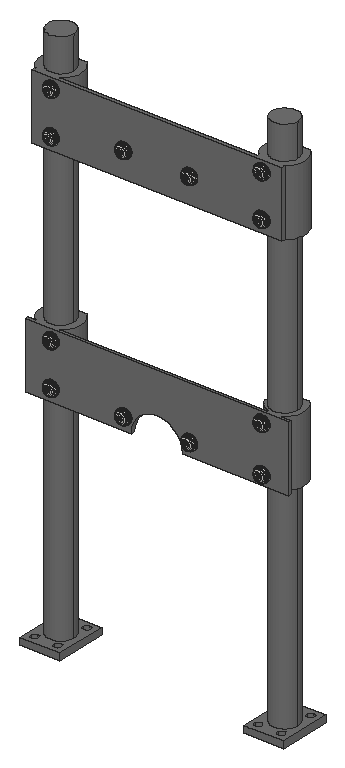
Revit family (continued)
Automatic sketch dimensions
  Revolve 4 sketch curve to Revolve 4 sketch curve = 0.16422"
  Revolve 4 sketch curve to Revolve 4 sketch curve = 0.18696"
  Revolve 4 sketch curve to Revolve 4 sketch curve = 0.07686"
  Revolve 4 sketch curve to Revolve 4 sketch curve = 0.08089"
  Revolve 4 sketch curve to Revolve 4 sketch curve = 0.0401"
  Revolve 4 sketch curve to Revolve 4 sketch curve = 0.03491"
  Revolve 4 sketch curve to Revolve 4 sketch curve = 0.03431"
  Revolve 4 sketch curve to Revolve 4 sketch curve = 0.01331"
  Revolve 4 sketch curve to Revolve 4 sketch curve = 0.01003"
  Revolve 4 sketch curve to Revolve 4 sketch curve = 0.00949"
  Revolve 4 sketch curve to Revolve 4 sketch curve = 0.00407"
  Revolve 4 sketch curve to Revolve 4 sketch curve = 0.00177"
  Revolve 4 sketch curve to Revolve 4 sketch curve = 0.04979"
  Revolve 4 sketch curve to Revolve 4 sketch curve = 0.05891"
  Revolve 5 sketch curve to plane 24 = 3/4"
  Revolve 5 sketch curve to plane 15 = 1.54799"
  Revolve 5 sketch curve to Revolve 5 sketch curve = 1.16722"
  Revolve 5 sketch curve to Revolve 5 sketch curve = 0.00469"
  Revolve 5 sketch curve to Revolve 5 sketch curve = 0.00968"
  Revolve 5 sketch curve to Revolve 5 sketch curve = 0.01429"
  Revolve 5 sketch curve to Revolve 5 sketch curve = 0.01792"
  Revolve 5 sketch curve to Revolve 5 sketch curve = 0.04036"
  Revolve 5 sketch curve to Revolve 5 sketch curve = 0.06466"
  Revolve 5 sketch curve to Revolve 5 sketch curve = 0.04467"
  Revolve 5 sketch curve to Revolve 5 sketch curve = 0.04997"
  Revolve 5 sketch curve to Revolve 5 sketch curve = 0.06708"
  Revolve 5 sketch curve to Revolve 5 sketch curve = 0.03549"
  Revolve 5 sketch curve to Revolve 5 sketch curve = 0.03428"
  Revolve 5 sketch curve to Revolve 5 sketch curve = 0.04657"
  Revolve 5 sketch curve to Revolve 5 sketch curve = 0.03407"
  Revolve 5 sketch curve to Revolve 5 sketch curve = 129/256"
  Revolve 5 sketch curve to Revolve 5 sketch curve = 0.00065"
  Revolve 5 sketch curve to Revolve 5 sketch curve = 0.00123"
  Revolve 5 sketch curve to Revolve 5 sketch curve = 0.0001"  (x2)
  Revolve 5 sketch curve to Revolve 5 sketch curve = 0.00012"  (x3)
  Revolve 5 sketch curve to Revolve 5 sketch curve = 0.00013"
  Revolve 5 sketch curve to Revolve 5 sketch curve = 0.00008"
  Revolve 5 sketch curve to Revolve 5 sketch curve = 0.00014"
  Revolve 5 sketch curve to Revolve 5 sketch curve = 0.00028"
  Revolve 5 sketch curve to Revolve 5 sketch curve = 0.00004"  (x2)
  Revolve 5 sketch curve to Revolve 5 sketch curve = 0.00016"
  Revolve 5 sketch curve to Revolve 5 sketch curve = 0.00015"
  Revolve 5 sketch curve to Revolve 5 sketch curve = 0.62489"
  Revolve 5 sketch curve to Revolve 5 sketch curve = 0.16422"
  Revolve 5 sketch curve to Revolve 5 sketch curve = 0.04653"
  Revolve 5 sketch curve to Revolve 5 sketch curve = 0.01228"
  Revolve 5 sketch curve to Revolve 5 sketch curve = 0.0031"
  Revolve 5 sketch curve to Revolve 5 sketch curve = 0"
  Revolve 5 sketch curve to Revolve 5 sketch curve = 0.00003"  (x3)
  Revolve 5 sketch curve to Revolve 5 sketch curve = 0.00006"
  Revolve 5 sketch curve to Revolve 5 sketch curve = 0.00025"
  Revolve 5 sketch curve to Revolve 5 sketch curve = 0.00019"
  Revolve 5 sketch curve to Revolve 5 sketch curve = 0.00034"
  plane 10 to Revolve 6 sketch curve = 3/4"
  Revolve 6 sketch curve to plane 15 = 1.54799"
  Revolve 6 sketch curve to Revolve 6 sketch curve = 1.16722"
  Revolve 6 sketch curve to Revolve 6 sketch curve = 0.00469"
  Revolve 6 sketch curve to Revolve 6 sketch curve = 0.00968"
  Revolve 6 sketch curve to Revolve 6 sketch curve = 0.01429"
  Revolve 6 sketch curve to Revolve 6 sketch curve = 0.01792"
  Revolve 6 sketch curve to Revolve 6 sketch curve = 0.04036"
  Revolve 6 sketch curve to Revolve 6 sketch curve = 0.06466"
  Revolve 6 sketch curve to Revolve 6 sketch curve = 0.04467"
  Revolve 6 sketch curve to Revolve 6 sketch curve = 0.04997"
  Revolve 6 sketch curve to Revolve 6 sketch curve = 0.06708"
  Revolve 6 sketch curve to Revolve 6 sketch curve = 0.03549"
  Revolve 6 sketch curve to Revolve 6 sketch curve = 0.03428"
  Revolve 6 sketch curve to Revolve 6 sketch curve = 0.04657"
  Revolve 6 sketch curve to Revolve 6 sketch curve = 0.03407"
  Revolve 6 sketch curve to Revolve 6 sketch curve = 129/256"
  Revolve 6 sketch curve to Revolve 6 sketch curve = 0.00065"
  Revolve 6 sketch curve to Revolve 6 sketch curve = 0.00123"
  Revolve 6 sketch curve to Revolve 6 sketch curve = 0.0001"  (x2)
  Revolve 6 sketch curve to Revolve 6 sketch curve = 0.00012"  (x2)
  Revolve 6 sketch curve to Revolve 6 sketch curve = 0.00013"
  Revolve 6 sketch curve to Revolve 6 sketch curve = 0.00008"
  Revolve 6 sketch curve to Revolve 6 sketch curve = 0.00014"
  Revolve 6 sketch curve to Revolve 6 sketch curve = 0.00028"
  Revolve 6 sketch curve to Revolve 6 sketch curve = 0.00004"
  Revolve 6 sketch curve to Revolve 6 sketch curve = 0.00016"
  Revolve 6 sketch curve to Revolve 6 sketch curve = 0.00015"
  Revolve 6 sketch curve to Revolve 6 sketch curve = 0.62489"
  Revolve 6 sketch curve to Revolve 6 sketch curve = 0.16422"
  Revolve 6 sketch curve to Revolve 6 sketch curve = 0.18696"
  Revolve 6 sketch curve to Revolve 6 sketch curve = 0.07686"
  Revolve 6 sketch curve to Revolve 6 sketch curve = 0.08089"
  Revolve 6 sketch curve to Revolve 6 sketch curve = 0.0401"
  Revolve 6 sketch curve to Revolve 6 sketch curve = 0.03491"
  Revolve 6 sketch curve to Revolve 6 sketch curve = 0.03431"
  Revolve 6 sketch curve to Revolve 6 sketch curve = 0.01331"
  Revolve 6 sketch curve to Revolve 6 sketch curve = 0.01003"
  Revolve 6 sketch curve to Revolve 6 sketch curve = 0.00949"
  Revolve 6 sketch curve to Revolve 6 sketch curve = 0.00407"
  Revolve 6 sketch curve to Revolve 6 sketch curve = 0.00177"
  Revolve 6 sketch curve to Revolve 6 sketch curve = 0.04979"
  Revolve 6 sketch curve to Revolve 6 sketch curve = 0.05891"
  Revolve 7 sketch curve to Revolve 7 sketch curve = 0.25556"
  Revolve 7 sketch curve to Revolve 7 sketch curve = 0.07686"
  Revolve 7 sketch curve to Revolve 7 sketch curve = 0.08089"
  Revolve 7 sketch curve to Revolve 7 sketch curve = 0.0401"
  Revolve 7 sketch curve to Revolve 7 sketch curve = 0.03491"
  Revolve 7 sketch curve to Revolve 7 sketch curve = 0.03431"
  Revolve 7 sketch curve to Revolve 7 sketch curve = 0.01331"
  Revolve 7 sketch curve to Revolve 7 sketch curve = 0.01003"
  Revolve 7 sketch curve to Revolve 7 sketch curve = 0.00949"
  Revolve 7 sketch curve to Revolve 7 sketch curve = 0.00407"
  Revolve 7 sketch curve to Revolve 7 sketch curve = 0.00177"
  Revolve 7 sketch curve to Revolve 7 sketch curve = 0.04979"
  Revolve 7 sketch curve to Revolve 7 sketch curve = 0.05891"
  Revolve 7 sketch curve to Revolve 7 sketch curve = 0.0686"
  Revolve 7 sketch curve to Revolve 7 sketch curve = 0.06289"
  Revolve 7 sketch curve to Revolve 7 sketch curve = 0.00004"
  Revolve 7 sketch curve to Revolve 7 sketch curve = 0.00034"
  Revolve 7 sketch curve to Revolve 7 sketch curve = 0.00019"
  Revolve 7 sketch curve to Revolve 7 sketch curve = 0.00012"  (x2)
  Revolve 7 sketch curve to Revolve 7 sketch curve = 0.00016"  (x2)
  Revolve 7 sketch curve to Revolve 7 sketch curve = 0.00006"
  Revolve 7 sketch curve to Revolve 7 sketch curve = 0.00003"  (x2)
  Revolve 7 sketch curve to Revolve 7 sketch curve = 0.00025"
  Revolve 7 sketch curve to Revolve 7 sketch curve = 0"  (x2)
  Revolve 7 sketch curve to Revolve 7 sketch curve = 0.0031"
  Revolve 7 sketch curve to Revolve 7 sketch curve = 0.01228"
  Revolve 7 sketch curve to plane 12 = 0.53911"
  Revolve 7 sketch curve to Revolve 7 sketch curve = 0.53911"
  Revolve 7 sketch curve to Revolve 7 sketch curve = 0.24872"
  Revolve 7 sketch curve to Revolve 7 sketch curve = 0.0001"
  Revolve 7 sketch curve to Revolve 7 sketch curve = 0.00015"
  Revolve 7 sketch curve to Revolve 7 sketch curve = 0.00008"  (x2)
  Revolve 7 sketch curve to Revolve 7 sketch curve = 0.00028"
  Revolve 7 sketch curve to Revolve 7 sketch curve = 0.00014"
  Revolve 7 sketch curve to Revolve 7 sketch curve = 0.00013"
  Revolve 7 sketch curve to Revolve 7 sketch curve = 0.00128"
  Revolve 7 sketch curve to Revolve 7 sketch curve = 0.00133"
  Revolve 7 sketch curve to Revolve 7 sketch curve = 0.00065"
  Revolve 7 sketch curve to Revolve 7 sketch curve = 1.16722"
  Revolve 8 sketch curve to Revolve 8 sketch curve = 0.25556"
  Revolve 8 sketch curve to Revolve 8 sketch curve = 0.07686"
  Revolve 8 sketch curve to Revolve 8 sketch curve = 0.08089"
  Revolve 8 sketch curve to Revolve 8 sketch curve = 0.0401"
  Revolve 8 sketch curve to Revolve 8 sketch curve = 0.03491"
  Revolve 8 sketch curve to Revolve 8 sketch curve = 0.03431"
  Revolve 8 sketch curve to Revolve 8 sketch curve = 0.01331"
  Revolve 8 sketch curve to Revolve 8 sketch curve = 0.01003"
  Revolve 8 sketch curve to Revolve 8 sketch curve = 0.00949"
  Revolve 8 sketch curve to Revolve 8 sketch curve = 0.00407"
  Revolve 8 sketch curve to Revolve 8 sketch curve = 0.00177"
  Revolve 8 sketch curve to Revolve 8 sketch curve = 0.04979"
  Revolve 8 sketch curve to Revolve 8 sketch curve = 0.05891"
  Revolve 8 sketch curve to Revolve 8 sketch curve = 0.0686"
  Revolve 8 sketch curve to Revolve 8 sketch curve = 0.06289"
  Revolve 8 sketch curve to Revolve 8 sketch curve = 0.00004"
  Revolve 8 sketch curve to Revolve 8 sketch curve = 0.00034"
  Revolve 8 sketch curve to Revolve 8 sketch curve = 0.00019"
  Revolve 8 sketch curve to Revolve 8 sketch curve = 0.00012"  (x2)
  Revolve 8 sketch curve to Revolve 8 sketch curve = 0.00016"  (x2)
  Revolve 8 sketch curve to Revolve 8 sketch curve = 0.00006"
  Revolve 8 sketch curve to Revolve 8 sketch curve = 0.00003"  (x2)
  Revolve 8 sketch curve to Revolve 8 sketch curve = 0.00025"
  Revolve 8 sketch curve to Revolve 8 sketch curve = 0"  (x2)
  Revolve 8 sketch curve to Revolve 8 sketch curve = 0.0031"
  Revolve 8 sketch curve to Revolve 8 sketch curve = 0.01228"
  Revolve 8 sketch curve to plane 12 = 0.53911"
  Revolve 8 sketch curve to Revolve 8 sketch curve = 0.53911"
  Revolve 8 sketch curve to Revolve 8 sketch curve = 0.24872"
  Revolve 8 sketch curve to Revolve 8 sketch curve = 0.0001"
  Revolve 8 sketch curve to Revolve 8 sketch curve = 0.00015"
  Revolve 8 sketch curve to Revolve 8 sketch curve = 0.00008"  (x2)
  Revolve 8 sketch curve to Revolve 8 sketch curve = 0.00028"
  Revolve 8 sketch curve to Revolve 8 sketch curve = 0.00014"
  Revolve 8 sketch curve to Revolve 8 sketch curve = 0.00013"
  Revolve 8 sketch curve to Revolve 8 sketch curve = 0.00128"
  Revolve 8 sketch curve to Revolve 8 sketch curve = 0.00133"
  Revolve 8 sketch curve to Revolve 8 sketch curve = 0.00065"
  Revolve 8 sketch curve to Revolve 8 sketch curve = 1.16722"
  plane 25 to Extrusion 9 sketch curve = 1"
  Extrusion 9 sketch curve to plane 26 = 1"
  Revolve 10 sketch curve to plane 15 = 1.67288"
  Revolve 10 sketch curve to Revolve 10 sketch curve = 1.29222"
  Revolve 10 sketch curve to Revolve 10 sketch curve = 0.00469"
  Revolve 10 sketch curve to Revolve 10 sketch curve = 0.00968"
  Revolve 10 sketch curve to Revolve 10 sketch curve = 0.01429"
  Revolve 10 sketch curve to Revolve 10 sketch curve = 0.01792"
  Revolve 10 sketch curve to Revolve 10 sketch curve = 0.04036"
  Revolve 10 sketch curve to Revolve 10 sketch curve = 0.06466"
  Revolve 10 sketch curve to Revolve 10 sketch curve = 0.04467"
  Revolve 10 sketch curve to Revolve 10 sketch curve = 0.04997"
  Revolve 10 sketch curve to Revolve 10 sketch curve = 0.06708"
  Revolve 10 sketch curve to Revolve 10 sketch curve = 0.03549"
  Revolve 10 sketch curve to Revolve 10 sketch curve = 0.03428"
  Revolve 10 sketch curve to Revolve 10 sketch curve = 0.04657"
  Revolve 10 sketch curve to Revolve 10 sketch curve = 0.03407"
  Revolve 10 sketch curve to Revolve 10 sketch curve = 129/256"
  Revolve 10 sketch curve to Revolve 10 sketch curve = 0.00065"
  Revolve 10 sketch curve to Revolve 10 sketch curve = 0.00123"
  Revolve 10 sketch curve to Revolve 10 sketch curve = 0.0001"  (x2)
  Revolve 10 sketch curve to Revolve 10 sketch curve = 0.00012"  (x3)
  Revolve 10 sketch curve to Revolve 10 sketch curve = 0.00013"
  Revolve 10 sketch curve to Revolve 10 sketch curve = 0.00008"
  Revolve 10 sketch curve to Revolve 10 sketch curve = 0.00014"
  Revolve 10 sketch curve to Revolve 10 sketch curve = 0.00028"
  Revolve 10 sketch curve to Revolve 10 sketch curve = 0.00004"  (x2)
  Revolve 10 sketch curve to Revolve 10 sketch curve = 0.00016"
  Revolve 10 sketch curve to Revolve 10 sketch curve = 0.00015"
  Revolve 10 sketch curve to Revolve 10 sketch curve = 0.49989"
  Revolve 10 sketch curve to Revolve 10 sketch curve = 0.16422"
  Revolve 10 sketch curve to Revolve 10 sketch curve = 0.04653"
  Revolve 10 sketch curve to Revolve 10 sketch curve = 0.01228"
  Revolve 10 sketch curve to Revolve 10 sketch curve = 0.0031"
  Revolve 10 sketch curve to Revolve 10 sketch curve = 0"
  Revolve 10 sketch curve to Revolve 10 sketch curve = 0.00003"  (x3)
  Revolve 10 sketch curve to Revolve 10 sketch curve = 0.00006"
  Revolve 10 sketch curve to Revolve 10 sketch curve = 0.00025"
  Revolve 10 sketch curve to Revolve 10 sketch curve = 0.00019"
  Revolve 10 sketch curve to Revolve 10 sketch curve = 0.00034"
  Revolve 11 sketch curve to plane 21 = 1"
  Revolve 11 sketch curve to plane 15 = 1.67288"
  Revolve 11 sketch curve to Revolve 11 sketch curve = 1.29222"
  Revolve 11 sketch curve to Revolve 11 sketch curve = 0.00469"
  Revolve 11 sketch curve to Revolve 11 sketch curve = 0.00968"
  Revolve 11 sketch curve to Revolve 11 sketch curve = 0.01429"
  Revolve 11 sketch curve to Revolve 11 sketch curve = 0.01792"
  Revolve 11 sketch curve to Revolve 11 sketch curve = 0.04036"
  Revolve 11 sketch curve to Revolve 11 sketch curve = 0.06466"
  Revolve 11 sketch curve to Revolve 11 sketch curve = 0.04467"
  Revolve 11 sketch curve to Revolve 11 sketch curve = 0.04997"
  Revolve 11 sketch curve to Revolve 11 sketch curve = 0.06708"
  Revolve 11 sketch curve to Revolve 11 sketch curve = 0.03549"
  Revolve 11 sketch curve to Revolve 11 sketch curve = 0.03428"
  Revolve 11 sketch curve to Revolve 11 sketch curve = 0.04657"
  Revolve 11 sketch curve to Revolve 11 sketch curve = 0.03407"
  Revolve 11 sketch curve to Revolve 11 sketch curve = 0.4992"
  Revolve 11 sketch curve to Revolve 11 sketch curve = 0.00065"
  Revolve 11 sketch curve to Revolve 11 sketch curve = 0.00123"
  Revolve 11 sketch curve to Revolve 11 sketch curve = 0.0001"  (x2)
  Revolve 11 sketch curve to Revolve 11 sketch curve = 0.00012"  (x2)
  Revolve 11 sketch curve to Revolve 11 sketch curve = 0.00013"
  Revolve 11 sketch curve to Revolve 11 sketch curve = 0.00008"
  Revolve 11 sketch curve to Revolve 11 sketch curve = 0.00014"
  Revolve 11 sketch curve to Revolve 11 sketch curve = 0.00028"
  Revolve 11 sketch curve to Revolve 11 sketch curve = 0.00004"
  Revolve 11 sketch curve to Revolve 11 sketch curve = 0.00016"
  Revolve 11 sketch curve to Revolve 11 sketch curve = 0.00015"
  Revolve 11 sketch curve to Revolve 11 sketch curve = 0.49989"
  Revolve 11 sketch curve to Revolve 11 sketch curve = 0.16422"
  Revolve 11 sketch curve to Revolve 11 sketch curve = 0.18696"
  Revolve 11 sketch curve to Revolve 11 sketch curve = 0.07686"
  Revolve 11 sketch curve to Revolve 11 sketch curve = 0.08089"
  Revolve 11 sketch curve to Revolve 11 sketch curve = 0.0401"
  Revolve 11 sketch curve to Revolve 11 sketch curve = 0.03491"
  Revolve 11 sketch curve to Revolve 11 sketch curve = 0.03431"
  Revolve 11 sketch curve to Revolve 11 sketch curve = 0.01331"
  Revolve 11 sketch curve to Revolve 11 sketch curve = 0.01003"
  Revolve 11 sketch curve to Revolve 11 sketch curve = 0.00949"
  Revolve 11 sketch curve to Revolve 11 sketch curve = 0.00407"
  Revolve 11 sketch curve to Revolve 11 sketch curve = 0.00177"
  Revolve 11 sketch curve to Revolve 11 sketch curve = 0.04979"
  Revolve 11 sketch curve to Revolve 11 sketch curve = 0.05891"
  Revolve 12 sketch curve to plane 15 = 1.67288"
  Revolve 12 sketch curve to Revolve 12 sketch curve = 1.29222"
  Revolve 12 sketch curve to Revolve 12 sketch curve = 0.00469"
  Revolve 12 sketch curve to Revolve 12 sketch curve = 0.00968"
  Revolve 12 sketch curve to Revolve 12 sketch curve = 0.01429"
  Revolve 12 sketch curve to Revolve 12 sketch curve = 0.01792"
  Revolve 12 sketch curve to Revolve 12 sketch curve = 0.04036"
  Revolve 12 sketch curve to Revolve 12 sketch curve = 0.06466"
  Revolve 12 sketch curve to Revolve 12 sketch curve = 0.04467"
  Revolve 12 sketch curve to Revolve 12 sketch curve = 0.04997"
  Revolve 12 sketch curve to Revolve 12 sketch curve = 0.06708"
  Revolve 12 sketch curve to Revolve 12 sketch curve = 0.03549"
  Revolve 12 sketch curve to Revolve 12 sketch curve = 0.03428"
  Revolve 12 sketch curve to Revolve 12 sketch curve = 0.04657"
  Revolve 12 sketch curve to Revolve 12 sketch curve = 0.03407"
  Revolve 12 sketch curve to Revolve 12 sketch curve = 0.4992"
  Revolve 12 sketch curve to Revolve 12 sketch curve = 0.00065"
  Revolve 12 sketch curve to Revolve 12 sketch curve = 0.00123"
  Revolve 12 sketch curve to Revolve 12 sketch curve = 0.0001"  (x2)
  Revolve 12 sketch curve to Revolve 12 sketch curve = 0.00012"  (x3)
  Revolve 12 sketch curve to Revolve 12 sketch curve = 0.00013"
  Revolve 12 sketch curve to Revolve 12 sketch curve = 0.00008"
  Revolve 12 sketch curve to Revolve 12 sketch curve = 0.00014"
  Revolve 12 sketch curve to Revolve 12 sketch curve = 0.00028"
  Revolve 12 sketch curve to Revolve 12 sketch curve = 0.00004"  (x2)
  Revolve 12 sketch curve to Revolve 12 sketch curve = 0.00016"
  Revolve 12 sketch curve to Revolve 12 sketch curve = 0.00015"
  Revolve 12 sketch curve to Revolve 12 sketch curve = 0.49989"
  Revolve 12 sketch curve to Revolve 12 sketch curve = 0.16422"
  Revolve 12 sketch curve to Revolve 12 sketch curve = 0.04653"
  Revolve 12 sketch curve to Revolve 12 sketch curve = 0.01228"
  Revolve 12 sketch curve to Revolve 12 sketch curve = 0.0031"
  Revolve 12 sketch curve to Revolve 12 sketch curve = 0"
  Revolve 12 sketch curve to Revolve 12 sketch curve = 0.00003"  (x3)
  Revolve 12 sketch curve to Revolve 12 sketch curve = 0.00006"
  Revolve 12 sketch curve to Revolve 12 sketch curve = 0.00025"
  Revolve 12 sketch curve to Revolve 12 sketch curve = 0.00019"
  Revolve 12 sketch curve to Revolve 12 sketch curve = 0.00034"
  Revolve 13 sketch curve to plane 15 = 1.67288"
  Revolve 13 sketch curve to Revolve 13 sketch curve = 1.29222"
  Revolve 13 sketch curve to Revolve 13 sketch curve = 0.00469"
  Revolve 13 sketch curve to Revolve 13 sketch curve = 0.00968"
  Revolve 13 sketch curve to Revolve 13 sketch curve = 0.01429"
  Revolve 13 sketch curve to Revolve 13 sketch curve = 0.01792"
  Revolve 13 sketch curve to Revolve 13 sketch curve = 0.04036"
  Revolve 13 sketch curve to Revolve 13 sketch curve = 0.06466"
  Revolve 13 sketch curve to Revolve 13 sketch curve = 0.04467"
  Revolve 13 sketch curve to Revolve 13 sketch curve = 0.04997"
  Revolve 13 sketch curve to Revolve 13 sketch curve = 0.06708"
  Revolve 13 sketch curve to Revolve 13 sketch curve = 0.03549"
  Revolve 13 sketch curve to Revolve 13 sketch curve = 0.03428"
  Revolve 13 sketch curve to Revolve 13 sketch curve = 0.04657"
  Revolve 13 sketch curve to Revolve 13 sketch curve = 0.03407"
  Revolve 13 sketch curve to Revolve 13 sketch curve = 129/256"
  Revolve 13 sketch curve to Revolve 13 sketch curve = 0.00065"
  Revolve 13 sketch curve to Revolve 13 sketch curve = 0.00123"
  Revolve 13 sketch curve to Revolve 13 sketch curve = 0.0001"  (x2)
  Revolve 13 sketch curve to Revolve 13 sketch curve = 0.00012"  (x2)
  Revolve 13 sketch curve to Revolve 13 sketch curve = 0.00013"
  Revolve 13 sketch curve to Revolve 13 sketch curve = 0.00008"
  Revolve 13 sketch curve to Revolve 13 sketch curve = 0.00014"
  Revolve 13 sketch curve to Revolve 13 sketch curve = 0.00028"
  Revolve 13 sketch curve to Revolve 13 sketch curve = 0.00004"
  Revolve 13 sketch curve to Revolve 13 sketch curve = 0.00016"
  Revolve 13 sketch curve to Revolve 13 sketch curve = 0.00015"
  Revolve 13 sketch curve to Revolve 13 sketch curve = 0.49989"
  Revolve 13 sketch curve to Revolve 13 sketch curve = 0.16422"
  Revolve 13 sketch curve to Revolve 13 sketch curve = 0.18696"
  Revolve 13 sketch curve to Revolve 13 sketch curve = 0.07686"
  Revolve 13 sketch curve to Revolve 13 sketch curve = 0.08089"
  Revolve 13 sketch curve to Revolve 13 sketch curve = 0.0401"
  Revolve 13 sketch curve to Revolve 13 sketch curve = 0.03491"
  Revolve 13 sketch curve to Revolve 13 sketch curve = 0.03431"
  Revolve 13 sketch curve to Revolve 13 sketch curve = 0.01331"
  Revolve 13 sketch curve to Revolve 13 sketch curve = 0.01003"
  Revolve 13 sketch curve to Revolve 13 sketch curve = 0.00949"
  Revolve 13 sketch curve to Revolve 13 sketch curve = 0.00407"
  Revolve 13 sketch curve to Revolve 13 sketch curve = 0.00177"
  Revolve 13 sketch curve to Revolve 13 sketch curve = 0.04979"
  Revolve 13 sketch curve to Revolve 13 sketch curve = 0.05891"
  Revolve 14 sketch curve to Revolve 14 sketch curve = 0.25556"
  Revolve 14 sketch curve to Revolve 14 sketch curve = 0.07686"
  Revolve 14 sketch curve to Revolve 14 sketch curve = 0.08089"
  Revolve 14 sketch curve to Revolve 14 sketch curve = 0.0401"
  Revolve 14 sketch curve to Revolve 14 sketch curve = 0.03491"
  Revolve 14 sketch curve to Revolve 14 sketch curve = 0.03431"
  Revolve 14 sketch curve to Revolve 14 sketch curve = 0.01331"
  Revolve 14 sketch curve to Revolve 14 sketch curve = 0.01003"
  Revolve 14 sketch curve to Revolve 14 sketch curve = 0.00949"
  Revolve 14 sketch curve to Revolve 14 sketch curve = 0.00407"
  Revolve 14 sketch curve to Revolve 14 sketch curve = 0.00177"
  Revolve 14 sketch curve to Revolve 14 sketch curve = 0.04979"
  Revolve 14 sketch curve to Revolve 14 sketch curve = 0.05891"
  Revolve 14 sketch curve to Revolve 14 sketch curve = 0.0686"
  Revolve 14 sketch curve to Revolve 14 sketch curve = 0.06289"
  Revolve 14 sketch curve to Revolve 14 sketch curve = 0.00004"
  Revolve 14 sketch curve to Revolve 14 sketch curve = 0.00034"
  Revolve 14 sketch curve to Revolve 14 sketch curve = 0.00019"
  Revolve 14 sketch curve to Revolve 14 sketch curve = 0.00012"  (x2)
  Revolve 14 sketch curve to Revolve 14 sketch curve = 0.00016"  (x2)
  Revolve 14 sketch curve to Revolve 14 sketch curve = 0.00006"
  Revolve 14 sketch curve to Revolve 14 sketch curve = 0.00003"  (x2)
  Revolve 14 sketch curve to Revolve 14 sketch curve = 0.00025"
  Revolve 14 sketch curve to Revolve 14 sketch curve = 0"  (x2)
  Revolve 14 sketch curve to Revolve 14 sketch curve = 0.0031"
  Revolve 14 sketch curve to Revolve 14 sketch curve = 0.01228"
  Revolve 14 sketch curve to plane 12 = 0.16422"
  Revolve 14 sketch curve to Revolve 14 sketch curve = 0.16422"
  Revolve 14 sketch curve to Revolve 14 sketch curve = 0.24862"
  Revolve 14 sketch curve to Revolve 14 sketch curve = 0.0001"
  Revolve 14 sketch curve to Revolve 14 sketch curve = 0.00015"
  Revolve 14 sketch curve to Revolve 14 sketch curve = 0.00008"  (x2)
  Revolve 14 sketch curve to Revolve 14 sketch curve = 0.00028"
  Revolve 14 sketch curve to Revolve 14 sketch curve = 0.00014"
  Revolve 14 sketch curve to Revolve 14 sketch curve = 0.00013"
  Revolve 14 sketch curve to Revolve 14 sketch curve = 0.00128"
  Revolve 14 sketch curve to Revolve 14 sketch curve = 0.00133"
  Revolve 14 sketch curve to Revolve 14 sketch curve = 0.00065"
  Revolve 14 sketch curve to Revolve 14 sketch curve = 1.54222"
  Revolve 15 sketch curve to Revolve 15 sketch curve = 0.25556"
  Revolve 15 sketch curve to Revolve 15 sketch curve = 0.07686"
  Revolve 15 sketch curve to Revolve 15 sketch curve = 0.08089"
  Revolve 15 sketch curve to Revolve 15 sketch curve = 0.0401"
  Revolve 15 sketch curve to Revolve 15 sketch curve = 0.03491"
  Revolve 15 sketch curve to Revolve 15 sketch curve = 0.03431"
  Revolve 15 sketch curve to Revolve 15 sketch curve = 0.01331"
  Revolve 15 sketch curve to Revolve 15 sketch curve = 0.01003"
  Revolve 15 sketch curve to Revolve 15 sketch curve = 0.00949"
  Revolve 15 sketch curve to Revolve 15 sketch curve = 0.00407"
  Revolve 15 sketch curve to Revolve 15 sketch curve = 0.00177"
  Revolve 15 sketch curve to Revolve 15 sketch curve = 0.04979"
  Revolve 15 sketch curve to Revolve 15 sketch curve = 0.05891"
  Revolve 15 sketch curve to Revolve 15 sketch curve = 0.0686"
  Revolve 15 sketch curve to Revolve 15 sketch curve = 0.06289"
  Revolve 15 sketch curve to Revolve 15 sketch curve = 0.00004"
  Revolve 15 sketch curve to Revolve 15 sketch curve = 0.00034"
  Revolve 15 sketch curve to Revolve 15 sketch curve = 0.00019"
  Revolve 15 sketch curve to Revolve 15 sketch curve = 0.00012"  (x2)
  Revolve 15 sketch curve to Revolve 15 sketch curve = 0.00016"  (x2)
  Revolve 15 sketch curve to Revolve 15 sketch curve = 0.00006"
  Revolve 15 sketch curve to Revolve 15 sketch curve = 0.00003"  (x2)
  Revolve 15 sketch curve to Revolve 15 sketch curve = 0.00025"
  Revolve 15 sketch curve to Revolve 15 sketch curve = 0"  (x2)
  Revolve 15 sketch curve to Revolve 15 sketch curve = 0.0031"
  Revolve 15 sketch curve to Revolve 15 sketch curve = 0.01228"
  Revolve 15 sketch curve to plane 12 = 0.16422"
  Revolve 15 sketch curve to Revolve 15 sketch curve = 0.16422"
  Revolve 15 sketch curve to Revolve 15 sketch curve = 0.24862"
  Revolve 15 sketch curve to Revolve 15 sketch curve = 0.0001"
  Revolve 15 sketch curve to Revolve 15 sketch curve = 0.00015"
  Revolve 15 sketch curve to Revolve 15 sketch curve = 0.00008"  (x2)
  Revolve 15 sketch curve to Revolve 15 sketch curve = 0.00028"
  Revolve 15 sketch curve to Revolve 15 sketch curve = 0.00014"
  Revolve 15 sketch curve to Revolve 15 sketch curve = 0.00013"
  Revolve 15 sketch curve to Revolve 15 sketch curve = 0.00128"
  Revolve 15 sketch curve to Revolve 15 sketch curve = 0.00133"
  Revolve 15 sketch curve to Revolve 15 sketch curve = 0.00065"
  Revolve 15 sketch curve to Revolve 15 sketch curve = 1.54222"
  Extrusion 16 sketch curve to Extrusion 16 sketch curve = 0"  (x12)
  Extrusion 16 sketch curve to plane 3 "Center (Front/Back)" = 0"
  Extrusion 16 sketch curve to plane 25 = 0"
  Extrusion 16 sketch curve to plane 14 = 9/16"
  Extrusion 16 sketch curve to plane 14 = 1/2"
  Extrusion 16 sketch curve to plane 5 = 7/16"
  Extrusion 17 sketch curve to Extrusion 17 sketch curve = 0"  (x16)
  Extrusion 17 sketch curve to plane 22 = 0"
  Extrusion 17 sketch curve to plane 3 "Center (Front/Back)" = 0"
  Extrusion 17 sketch curve to plane 12 = 0"  (x2)
  Extrusion 17 sketch curve to plane 26 = 0"
  Extrusion 17 sketch curve to plane 14 = 9/16"
  Extrusion 17 sketch curve to plane 5 = 7/16"
  Extrusion 17 sketch curve to plane 4 = 1/2"
  Extrusion 17 sketch curve to plane 4 = 7/16"
  Extrusion 17 sketch curve to plane 13 = 9/16"
  Extrusion 18 sketch curve to Extrusion 18 sketch curve = 0"  (x4)
  Extrusion 18 sketch curve to plane 13 = 11/16"
  Extrusion 18 sketch curve to plane 26 = 3/16"
  Extrusion 19 sketch curve to plane 21 = 0"
  plane 25 to Extrusion 19 sketch curve = 1 1/2"
  Extrusion 19 sketch curve to plane 26 = 1 1/2"
  plane 25 to Extrusion 20 sketch curve = 1 1/2"
  Extrusion 20 sketch curve to plane 26 = 1 1/2"
  Revolve 21 sketch curve to plane 24 = 3/4"
  Revolve 21 sketch curve to plane 7 = 1.67288"
  Revolve 21 sketch curve to Revolve 21 sketch curve = 1.16722"
  Revolve 21 sketch curve to Revolve 21 sketch curve = 0.00469"
  Revolve 21 sketch curve to Revolve 21 sketch curve = 0.00968"
  Revolve 21 sketch curve to Revolve 21 sketch curve = 0.01429"
  Revolve 21 sketch curve to Revolve 21 sketch curve = 0.01792"
  Revolve 21 sketch curve to Revolve 21 sketch curve = 0.04036"
  Revolve 21 sketch curve to Revolve 21 sketch curve = 0.06466"
  Revolve 21 sketch curve to Revolve 21 sketch curve = 0.04467"
  Revolve 21 sketch curve to Revolve 21 sketch curve = 0.04997"
  Revolve 21 sketch curve to Revolve 21 sketch curve = 0.06708"
  Revolve 21 sketch curve to Revolve 21 sketch curve = 0.03549"
  Revolve 21 sketch curve to Revolve 21 sketch curve = 0.03428"
  Revolve 21 sketch curve to Revolve 21 sketch curve = 0.04657"
  Revolve 21 sketch curve to Revolve 21 sketch curve = 0.03407"
  Revolve 21 sketch curve to Revolve 21 sketch curve = 0.4992"
  Revolve 21 sketch curve to Revolve 21 sketch curve = 0.00065"
  Revolve 21 sketch curve to Revolve 21 sketch curve = 0.00123"
  Revolve 21 sketch curve to Revolve 21 sketch curve = 0.0001"  (x2)
  Revolve 21 sketch curve to Revolve 21 sketch curve = 0.00012"  (x2)
  Revolve 21 sketch curve to Revolve 21 sketch curve = 0.00013"
  Revolve 21 sketch curve to Revolve 21 sketch curve = 0.00008"
  Revolve 21 sketch curve to Revolve 21 sketch curve = 0.00014"
  Revolve 21 sketch curve to Revolve 21 sketch curve = 0.00028"
  Revolve 21 sketch curve to Revolve 21 sketch curve = 0.00004"
  Revolve 21 sketch curve to Revolve 21 sketch curve = 0.00016"
  Revolve 21 sketch curve to Revolve 21 sketch curve = 0.00015"
  Revolve 21 sketch curve to Revolve 21 sketch curve = 0.24989"
  Revolve 21 sketch curve to Revolve 21 sketch curve = 0.53922"
  Revolve 21 sketch curve to Revolve 21 sketch curve = 0.18696"
  Revolve 21 sketch curve to Revolve 21 sketch curve = 0.07686"
  Revolve 21 sketch curve to Revolve 21 sketch curve = 0.08089"
  Revolve 21 sketch curve to Revolve 21 sketch curve = 0.0401"
  Revolve 21 sketch curve to Revolve 21 sketch curve = 0.03491"
  Revolve 21 sketch curve to Revolve 21 sketch curve = 0.03431"
  Revolve 21 sketch curve to Revolve 21 sketch curve = 0.01331"
  Revolve 21 sketch curve to Revolve 21 sketch curve = 0.01003"
  Revolve 21 sketch curve to Revolve 21 sketch curve = 0.00949"
  Revolve 21 sketch curve to Revolve 21 sketch curve = 0.00407"
  Revolve 21 sketch curve to Revolve 21 sketch curve = 0.00177"
  Revolve 21 sketch curve to Revolve 21 sketch curve = 0.04979"
  Revolve 21 sketch curve to Revolve 21 sketch curve = 0.05891"
  plane 10 to Revolve 22 sketch curve = 3/4"
  Revolve 22 sketch curve to plane 7 = 1.67288"
  Revolve 22 sketch curve to Revolve 22 sketch curve = 1.16722"
  Revolve 22 sketch curve to Revolve 22 sketch curve = 0.00469"
  Revolve 22 sketch curve to Revolve 22 sketch curve = 0.00968"
  Revolve 22 sketch curve to Revolve 22 sketch curve = 0.01429"
  Revolve 22 sketch curve to Revolve 22 sketch curve = 0.01792"
  Revolve 22 sketch curve to Revolve 22 sketch curve = 0.04036"
  Revolve 22 sketch curve to Revolve 22 sketch curve = 0.06466"
  Revolve 22 sketch curve to Revolve 22 sketch curve = 0.04467"
  Revolve 22 sketch curve to Revolve 22 sketch curve = 0.04997"
  Revolve 22 sketch curve to Revolve 22 sketch curve = 0.06708"
  Revolve 22 sketch curve to Revolve 22 sketch curve = 0.03549"
  Revolve 22 sketch curve to Revolve 22 sketch curve = 0.03428"
  Revolve 22 sketch curve to Revolve 22 sketch curve = 0.04657"
  Revolve 22 sketch curve to Revolve 22 sketch curve = 0.03407"
  Revolve 22 sketch curve to Revolve 22 sketch curve = 129/256"
  Revolve 22 sketch curve to Revolve 22 sketch curve = 0.00065"
  Revolve 22 sketch curve to Revolve 22 sketch curve = 0.00123"
  Revolve 22 sketch curve to Revolve 22 sketch curve = 0.0001"  (x2)
  Revolve 22 sketch curve to Revolve 22 sketch curve = 0.00012"  (x3)
  Revolve 22 sketch curve to Revolve 22 sketch curve = 0.00013"
  Revolve 22 sketch curve to Revolve 22 sketch curve = 0.00008"
  Revolve 22 sketch curve to Revolve 22 sketch curve = 0.00014"
  Revolve 22 sketch curve to Revolve 22 sketch curve = 0.00028"
  Revolve 22 sketch curve to Revolve 22 sketch curve = 0.00004"  (x2)
  Revolve 22 sketch curve to Revolve 22 sketch curve = 0.00016"
  Revolve 22 sketch curve to Revolve 22 sketch curve = 0.00015"
  Revolve 22 sketch curve to Revolve 22 sketch curve = 0.24989"
  Revolve 22 sketch curve to Revolve 22 sketch curve = 0.53922"
  Revolve 22 sketch curve to Revolve 22 sketch curve = 0.04653"
  Revolve 22 sketch curve to Revolve 22 sketch curve = 0.01228"
  Revolve 22 sketch curve to Revolve 22 sketch curve = 0.0031"
  Revolve 22 sketch curve to Revolve 22 sketch curve = 0"
  Revolve 22 sketch curve to Revolve 22 sketch curve = 0.00003"  (x3)
  Revolve 22 sketch curve to Revolve 22 sketch curve = 0.00006"
  Revolve 22 sketch curve to Revolve 22 sketch curve = 0.00025"
  Revolve 22 sketch curve to Revolve 22 sketch curve = 0.00019"
  Revolve 22 sketch curve to Revolve 22 sketch curve = 0.00034"
  Revolve 23 sketch curve to plane 7 = 1.67299"
  Revolve 23 sketch curve to Revolve 23 sketch curve = 1.16722"
  Revolve 23 sketch curve to Revolve 23 sketch curve = 0.00469"
  Revolve 23 sketch curve to Revolve 23 sketch curve = 0.00968"
  Revolve 23 sketch curve to Revolve 23 sketch curve = 0.01429"
  Revolve 23 sketch curve to Revolve 23 sketch curve = 0.01792"
  Revolve 23 sketch curve to Revolve 23 sketch curve = 0.04036"
  Revolve 23 sketch curve to Revolve 23 sketch curve = 0.06466"
  Revolve 23 sketch curve to Revolve 23 sketch curve = 0.04467"
  Revolve 23 sketch curve to Revolve 23 sketch curve = 0.04997"
  Revolve 23 sketch curve to Revolve 23 sketch curve = 0.06708"
  Revolve 23 sketch curve to Revolve 23 sketch curve = 0.03549"
  Revolve 23 sketch curve to Revolve 23 sketch curve = 0.03428"
  Revolve 23 sketch curve to Revolve 23 sketch curve = 0.04657"
  Revolve 23 sketch curve to Revolve 23 sketch curve = 0.03407"
  Revolve 23 sketch curve to Revolve 23 sketch curve = 129/256"
  Revolve 23 sketch curve to Revolve 23 sketch curve = 0.00065"
  Revolve 23 sketch curve to Revolve 23 sketch curve = 0.00123"
  Revolve 23 sketch curve to Revolve 23 sketch curve = 0.0001"  (x2)
  Revolve 23 sketch curve to Revolve 23 sketch curve = 0.00012"  (x2)
  Revolve 23 sketch curve to Revolve 23 sketch curve = 0.00013"
  Revolve 23 sketch curve to Revolve 23 sketch curve = 0.00008"
  Revolve 23 sketch curve to Revolve 23 sketch curve = 0.00014"
  Revolve 23 sketch curve to Revolve 23 sketch curve = 0.00028"
  Revolve 23 sketch curve to Revolve 23 sketch curve = 0.00004"
  Revolve 23 sketch curve to Revolve 23 sketch curve = 0.00016"
  Revolve 23 sketch curve to Revolve 23 sketch curve = 0.00015"
  Revolve 23 sketch curve to Revolve 23 sketch curve = 1/4"
  Revolve 23 sketch curve to Revolve 23 sketch curve = 0.53911"
  Revolve 23 sketch curve to Revolve 23 sketch curve = 0.18696"
  Revolve 23 sketch curve to Revolve 23 sketch curve = 0.07686"
  Revolve 23 sketch curve to Revolve 23 sketch curve = 0.08089"
  Revolve 23 sketch curve to Revolve 23 sketch curve = 0.0401"
  Revolve 23 sketch curve to Revolve 23 sketch curve = 0.03491"
  Revolve 23 sketch curve to Revolve 23 sketch curve = 0.03431"
  Revolve 23 sketch curve to Revolve 23 sketch curve = 0.01331"
  Revolve 23 sketch curve to Revolve 23 sketch curve = 0.01003"
  Revolve 23 sketch curve to Revolve 23 sketch curve = 0.00949"
  Revolve 23 sketch curve to Revolve 23 sketch curve = 0.00407"
  Revolve 23 sketch curve to Revolve 23 sketch curve = 0.00177"
  Revolve 23 sketch curve to Revolve 23 sketch curve = 0.04979"
  Revolve 23 sketch curve to Revolve 23 sketch curve = 0.05891"
  plane 21 to Revolve 24 sketch curve = 1"
  Revolve 24 sketch curve to plane 7 = 1.67288"
  Revolve 24 sketch curve to Revolve 24 sketch curve = 1.16722"
  Revolve 24 sketch curve to Revolve 24 sketch curve = 0.00469"
  Revolve 24 sketch curve to Revolve 24 sketch curve = 0.00968"
  Revolve 24 sketch curve to Revolve 24 sketch curve = 0.01429"
  Revolve 24 sketch curve to Revolve 24 sketch curve = 0.01792"
  Revolve 24 sketch curve to Revolve 24 sketch curve = 0.04036"
  Revolve 24 sketch curve to Revolve 24 sketch curve = 0.06466"
  Revolve 24 sketch curve to Revolve 24 sketch curve = 0.04467"
  Revolve 24 sketch curve to Revolve 24 sketch curve = 0.04997"
  Revolve 24 sketch curve to Revolve 24 sketch curve = 0.06708"
  Revolve 24 sketch curve to Revolve 24 sketch curve = 0.03549"
  Revolve 24 sketch curve to Revolve 24 sketch curve = 0.03428"
  Revolve 24 sketch curve to Revolve 24 sketch curve = 0.04657"
  Revolve 24 sketch curve to Revolve 24 sketch curve = 0.03407"
  Revolve 24 sketch curve to Revolve 24 sketch curve = 0.4992"
  Revolve 24 sketch curve to Revolve 24 sketch curve = 0.00065"
  Revolve 24 sketch curve to Revolve 24 sketch curve = 0.00123"
  Revolve 24 sketch curve to Revolve 24 sketch curve = 0.0001"  (x2)
  Revolve 24 sketch curve to Revolve 24 sketch curve = 0.00012"  (x3)
  Revolve 24 sketch curve to Revolve 24 sketch curve = 0.00013"
  Revolve 24 sketch curve to Revolve 24 sketch curve = 0.00008"
  Revolve 24 sketch curve to Revolve 24 sketch curve = 0.00014"
  Revolve 24 sketch curve to Revolve 24 sketch curve = 0.00028"
  Revolve 24 sketch curve to Revolve 24 sketch curve = 0.00004"  (x2)
  Revolve 24 sketch curve to Revolve 24 sketch curve = 0.00016"
  Revolve 24 sketch curve to Revolve 24 sketch curve = 0.00015"
  Revolve 24 sketch curve to Revolve 24 sketch curve = 0.24989"
  Revolve 24 sketch curve to Revolve 24 sketch curve = 0.53922"
  Revolve 24 sketch curve to Revolve 24 sketch curve = 0.04653"
  Revolve 24 sketch curve to Revolve 24 sketch curve = 0.01228"
  Revolve 24 sketch curve to Revolve 24 sketch curve = 0.0031"
  Revolve 24 sketch curve to Revolve 24 sketch curve = 0"
  Revolve 24 sketch curve to Revolve 24 sketch curve = 0.00003"  (x3)
  Revolve 24 sketch curve to Revolve 24 sketch curve = 0.00006"
  Revolve 24 sketch curve to Revolve 24 sketch curve = 0.00025"
  Revolve 24 sketch curve to Revolve 24 sketch curve = 0.00019"
  Revolve 24 sketch curve to Revolve 24 sketch curve = 0.00034"
  Revolve 25 sketch curve to plane 10 = 0.4387"
  Revolve 25 sketch curve to Revolve 25 sketch curve = 0.00177"
  Revolve 25 sketch curve to Revolve 25 sketch curve = 0.00407"
  Revolve 25 sketch curve to Revolve 25 sketch curve = 0.00949"
  Revolve 25 sketch curve to Revolve 25 sketch curve = 0.01003"
  Revolve 25 sketch curve to Revolve 25 sketch curve = 0.01331"
  Revolve 25 sketch curve to Revolve 25 sketch curve = 0.03431"
  Revolve 25 sketch curve to Revolve 25 sketch curve = 0.03491"
  Revolve 25 sketch curve to Revolve 25 sketch curve = 0.0401"
  Revolve 25 sketch curve to Revolve 25 sketch curve = 0.08089"
  Revolve 25 sketch curve to Revolve 25 sketch curve = 0.07686"
  Revolve 25 sketch curve to Revolve 25 sketch curve = 0.3113"
  Revolve 25 sketch curve to Revolve 25 sketch curve = 0.04979"
  Revolve 25 sketch curve to Revolve 25 sketch curve = 0.05891"
  Revolve 25 sketch curve to Revolve 25 sketch curve = 0.0686"
  Revolve 25 sketch curve to Revolve 25 sketch curve = 0.06289"
  Revolve 25 sketch curve to Revolve 25 sketch curve = 0.00004"
  Revolve 25 sketch curve to Revolve 25 sketch curve = 0.00034"
  Revolve 25 sketch curve to Revolve 25 sketch curve = 0.00019"
  Revolve 25 sketch curve to Revolve 25 sketch curve = 0.00012"
  Revolve 25 sketch curve to Revolve 25 sketch curve = 0.00016"
  Revolve 25 sketch curve to Revolve 25 sketch curve = 0.00006"
  Revolve 25 sketch curve to Revolve 25 sketch curve = 0.00003"  (x2)
  Revolve 25 sketch curve to Revolve 25 sketch curve = 0.00025"
  Revolve 25 sketch curve to Revolve 25 sketch curve = 0"
  Revolve 25 sketch curve to Revolve 25 sketch curve = 0.0031"
  Revolve 25 sketch curve to Revolve 25 sketch curve = 0.01228"
  Revolve 25 sketch curve to plane 7 = 1.67288"
  Revolve 25 sketch curve to Revolve 25 sketch curve = 1.16722"
  Revolve 25 sketch curve to Revolve 25 sketch curve = 0.00469"
  Revolve 25 sketch curve to Revolve 25 sketch curve = 0.00968"
  Revolve 25 sketch curve to Revolve 25 sketch curve = 0.01429"
  Revolve 25 sketch curve to Revolve 25 sketch curve = 0.01792"
  Revolve 25 sketch curve to Revolve 25 sketch curve = 0.04036"
  Revolve 25 sketch curve to Revolve 25 sketch curve = 0.06466"
  Revolve 25 sketch curve to Revolve 25 sketch curve = 0.04467"
  Revolve 25 sketch curve to Revolve 25 sketch curve = 0.04997"
  Revolve 25 sketch curve to Revolve 25 sketch curve = 0.06708"
  Revolve 25 sketch curve to Revolve 25 sketch curve = 0.03549"
  Revolve 25 sketch curve to Revolve 25 sketch curve = 0.03428"
  Revolve 25 sketch curve to Revolve 25 sketch curve = 0.04657"
  Revolve 25 sketch curve to Revolve 25 sketch curve = 0.03407"
  Revolve 25 sketch curve to Revolve 25 sketch curve = 0.24989"
  Revolve 25 sketch curve to Revolve 25 sketch curve = 0.53922"
  plane 11 to Revolve 26 sketch curve = 1.0613"
  Revolve 26 sketch curve to Revolve 26 sketch curve = 0.00177"
  Revolve 26 sketch curve to Revolve 26 sketch curve = 0.00407"
  Revolve 26 sketch curve to Revolve 26 sketch curve = 0.00949"
  Revolve 26 sketch curve to Revolve 26 sketch curve = 0.01003"
  Revolve 26 sketch curve to Revolve 26 sketch curve = 0.01331"
  Revolve 26 sketch curve to Revolve 26 sketch curve = 0.03431"
  Revolve 26 sketch curve to Revolve 26 sketch curve = 0.03491"
  Revolve 26 sketch curve to Revolve 26 sketch curve = 0.0401"
  Revolve 26 sketch curve to Revolve 26 sketch curve = 0.08089"
  Revolve 26 sketch curve to Revolve 26 sketch curve = 0.07686"
  Revolve 26 sketch curve to Revolve 26 sketch curve = 0.3113"
  Revolve 26 sketch curve to Revolve 26 sketch curve = 0.04979"
  Revolve 26 sketch curve to Revolve 26 sketch curve = 0.05891"
  Revolve 26 sketch curve to Revolve 26 sketch curve = 0.0686"
  Revolve 26 sketch curve to Revolve 26 sketch curve = 0.06289"
  Revolve 26 sketch curve to Revolve 26 sketch curve = 0.00004"
  Revolve 26 sketch curve to Revolve 26 sketch curve = 0.00034"
  Revolve 26 sketch curve to Revolve 26 sketch curve = 0.00019"
  Revolve 26 sketch curve to Revolve 26 sketch curve = 0.00012"
  Revolve 26 sketch curve to Revolve 26 sketch curve = 0.00016"
  Revolve 26 sketch curve to Revolve 26 sketch curve = 0.00006"
  Revolve 26 sketch curve to Revolve 26 sketch curve = 0.00003"  (x2)
  Revolve 26 sketch curve to Revolve 26 sketch curve = 0.00025"
  Revolve 26 sketch curve to Revolve 26 sketch curve = 0"
  Revolve 26 sketch curve to Revolve 26 sketch curve = 0.0031"
  Revolve 26 sketch curve to Revolve 26 sketch curve = 0.01228"
  Revolve 26 sketch curve to plane 7 = 1.67288"
  Revolve 26 sketch curve to Revolve 26 sketch curve = 1.16722"
  Revolve 26 sketch curve to Revolve 26 sketch curve = 0.00469"
  Revolve 26 sketch curve to Revolve 26 sketch curve = 0.00968"
  Revolve 26 sketch curve to Revolve 26 sketch curve = 0.01429"
  Revolve 26 sketch curve to Revolve 26 sketch curve = 0.01792"
  Revolve 26 sketch curve to Revolve 26 sketch curve = 0.04036"
  Revolve 26 sketch curve to Revolve 26 sketch curve = 0.06466"
  Revolve 26 sketch curve to Revolve 26 sketch curve = 0.04467"
  Revolve 26 sketch curve to Revolve 26 sketch curve = 0.04997"
  Revolve 26 sketch curve to Revolve 26 sketch curve = 0.06708"
  Revolve 26 sketch curve to Revolve 26 sketch curve = 0.03549"
  Revolve 26 sketch curve to Revolve 26 sketch curve = 0.03428"
  Revolve 26 sketch curve to Revolve 26 sketch curve = 0.04657"
  Revolve 26 sketch curve to Revolve 26 sketch curve = 0.03407"
  Revolve 26 sketch curve to Revolve 26 sketch curve = 0.24989"
  Revolve 26 sketch curve to Revolve 26 sketch curve = 0.53922"
  plane 10 to Revolve 27 sketch curve = 0.4387"
  Revolve 27 sketch curve to Revolve 27 sketch curve = 0.00177"
  Revolve 27 sketch curve to Revolve 27 sketch curve = 0.00407"
  Revolve 27 sketch curve to Revolve 27 sketch curve = 0.00949"
  Revolve 27 sketch curve to Revolve 27 sketch curve = 0.01003"
  Revolve 27 sketch curve to Revolve 27 sketch curve = 0.01331"
  Revolve 27 sketch curve to Revolve 27 sketch curve = 0.03431"
  Revolve 27 sketch curve to Revolve 27 sketch curve = 0.03491"
  Revolve 27 sketch curve to Revolve 27 sketch curve = 0.0401"
  Revolve 27 sketch curve to Revolve 27 sketch curve = 0.08089"
  Revolve 27 sketch curve to Revolve 27 sketch curve = 0.07686"
  Revolve 27 sketch curve to Revolve 27 sketch curve = 0.3113"
  Revolve 27 sketch curve to Revolve 27 sketch curve = 0.04979"
  Revolve 27 sketch curve to Revolve 27 sketch curve = 0.05891"
  Revolve 27 sketch curve to Revolve 27 sketch curve = 0.0686"
  Revolve 27 sketch curve to Revolve 27 sketch curve = 0.06289"
  Revolve 27 sketch curve to Revolve 27 sketch curve = 0.00004"
  Revolve 27 sketch curve to Revolve 27 sketch curve = 0.00034"
  Revolve 27 sketch curve to Revolve 27 sketch curve = 0.00019"
  Revolve 27 sketch curve to Revolve 27 sketch curve = 0.00012"
  Revolve 27 sketch curve to Revolve 27 sketch curve = 0.00016"
  Revolve 27 sketch curve to Revolve 27 sketch curve = 0.00006"
  Revolve 27 sketch curve to Revolve 27 sketch curve = 0.00003"  (x2)
  Revolve 27 sketch curve to Revolve 27 sketch curve = 0.00025"
  Revolve 27 sketch curve to Revolve 27 sketch curve = 0"
  Revolve 27 sketch curve to Revolve 27 sketch curve = 0.0031"
  Revolve 27 sketch curve to Revolve 27 sketch curve = 0.01228"
  Revolve 27 sketch curve to plane 7 = 1.67288"
  Revolve 27 sketch curve to Revolve 27 sketch curve = 1.16722"
  Revolve 27 sketch curve to Revolve 27 sketch curve = 0.00469"
  Revolve 27 sketch curve to Revolve 27 sketch curve = 0.00968"
  Revolve 27 sketch curve to Revolve 27 sketch curve = 0.01429"
  Revolve 27 sketch curve to Revolve 27 sketch curve = 0.01792"
  Revolve 27 sketch curve to Revolve 27 sketch curve = 0.04036"
  Revolve 27 sketch curve to Revolve 27 sketch curve = 0.06466"
  Revolve 27 sketch curve to Revolve 27 sketch curve = 0.04467"
  Revolve 27 sketch curve to Revolve 27 sketch curve = 0.04997"
  Revolve 27 sketch curve to Revolve 27 sketch curve = 0.06708"
  Revolve 27 sketch curve to Revolve 27 sketch curve = 0.03549"
  Revolve 27 sketch curve to Revolve 27 sketch curve = 0.03428"
  Revolve 27 sketch curve to Revolve 27 sketch curve = 0.04657"
  Revolve 27 sketch curve to Revolve 27 sketch curve = 0.03407"
  Revolve 27 sketch curve to Revolve 27 sketch curve = 0.24989"
  Revolve 27 sketch curve to Revolve 27 sketch curve = 0.53922"
  Revolve 28 sketch curve to plane 11 = 1.0613"
  Revolve 28 sketch curve to Revolve 28 sketch curve = 0.00177"
  Revolve 28 sketch curve to Revolve 28 sketch curve = 0.00407"
  Revolve 28 sketch curve to Revolve 28 sketch curve = 0.00949"
  Revolve 28 sketch curve to Revolve 28 sketch curve = 0.01003"
  Revolve 28 sketch curve to Revolve 28 sketch curve = 0.01331"
  Revolve 28 sketch curve to Revolve 28 sketch curve = 0.03431"
  Revolve 28 sketch curve to Revolve 28 sketch curve = 0.03491"
  Revolve 28 sketch curve to Revolve 28 sketch curve = 0.0401"
  Revolve 28 sketch curve to Revolve 28 sketch curve = 0.08089"
  Revolve 28 sketch curve to Revolve 28 sketch curve = 0.07686"
  Revolve 28 sketch curve to Revolve 28 sketch curve = 0.3113"
  Revolve 28 sketch curve to Revolve 28 sketch curve = 0.04979"
  Revolve 28 sketch curve to Revolve 28 sketch curve = 0.05891"
  Revolve 28 sketch curve to Revolve 28 sketch curve = 0.0686"
  Revolve 28 sketch curve to Revolve 28 sketch curve = 0.06289"
  Revolve 28 sketch curve to Revolve 28 sketch curve = 0.00004"
  Revolve 28 sketch curve to Revolve 28 sketch curve = 0.00034"
  Revolve 28 sketch curve to Revolve 28 sketch curve = 0.00019"
  Revolve 28 sketch curve to Revolve 28 sketch curve = 0.00012"
  Revolve 28 sketch curve to Revolve 28 sketch curve = 0.00016"
  Revolve 28 sketch curve to Revolve 28 sketch curve = 0.00006"
  Revolve 28 sketch curve to Revolve 28 sketch curve = 0.00003"  (x2)
  Revolve 28 sketch curve to Revolve 28 sketch curve = 0.00025"
  Revolve 28 sketch curve to Revolve 28 sketch curve = 0"
  Revolve 28 sketch curve to Revolve 28 sketch curve = 0.0031"
  Revolve 28 sketch curve to Revolve 28 sketch curve = 0.01228"
  Revolve 28 sketch curve to plane 7 = 1.67288"
  Revolve 28 sketch curve to Revolve 28 sketch curve = 1.16722"
  Revolve 28 sketch curve to Revolve 28 sketch curve = 0.00469"
  Revolve 28 sketch curve to Revolve 28 sketch curve = 0.00968"
  Revolve 28 sketch curve to Revolve 28 sketch curve = 0.01429"
  Revolve 28 sketch curve to Revolve 28 sketch curve = 0.01792"
  Revolve 28 sketch curve to Revolve 28 sketch curve = 0.04036"
  Revolve 28 sketch curve to Revolve 28 sketch curve = 0.06466"
  Revolve 28 sketch curve to Revolve 28 sketch curve = 0.04467"
  Revolve 28 sketch curve to Revolve 28 sketch curve = 0.04997"
  Revolve 28 sketch curve to Revolve 28 sketch curve = 0.06708"
  Revolve 28 sketch curve to Revolve 28 sketch curve = 0.03549"
  Revolve 28 sketch curve to Revolve 28 sketch curve = 0.03428"
  Revolve 28 sketch curve to Revolve 28 sketch curve = 0.04657"
  Revolve 28 sketch curve to Revolve 28 sketch curve = 0.03407"
  Revolve 28 sketch curve to Revolve 28 sketch curve = 0.24989"
  Revolve 28 sketch curve to Revolve 28 sketch curve = 0.53922"
  plane 24 to Revolve 29 sketch curve = 3/4"
  Revolve 29 sketch curve to plane 7 = 1.67288"
  Revolve 29 sketch curve to Revolve 29 sketch curve = 1.16722"
  Revolve 29 sketch curve to Revolve 29 sketch curve = 0.00469"
  Revolve 29 sketch curve to Revolve 29 sketch curve = 0.00968"
  Revolve 29 sketch curve to Revolve 29 sketch curve = 0.01429"
  Revolve 29 sketch curve to Revolve 29 sketch curve = 0.01792"
  Revolve 29 sketch curve to Revolve 29 sketch curve = 0.04036"
  Revolve 29 sketch curve to Revolve 29 sketch curve = 0.06466"
  Revolve 29 sketch curve to Revolve 29 sketch curve = 0.04467"
  Revolve 29 sketch curve to Revolve 29 sketch curve = 0.04997"
  Revolve 29 sketch curve to Revolve 29 sketch curve = 0.06708"
  Revolve 29 sketch curve to Revolve 29 sketch curve = 0.03549"
  Revolve 29 sketch curve to Revolve 29 sketch curve = 0.03428"
  Revolve 29 sketch curve to Revolve 29 sketch curve = 0.04657"
  Revolve 29 sketch curve to Revolve 29 sketch curve = 0.03407"
  Revolve 29 sketch curve to Revolve 29 sketch curve = 0.4992"
  Revolve 29 sketch curve to Revolve 29 sketch curve = 0.00065"
  Revolve 29 sketch curve to Revolve 29 sketch curve = 0.00123"
  Revolve 29 sketch curve to Revolve 29 sketch curve = 0.0001"  (x2)
  Revolve 29 sketch curve to Revolve 29 sketch curve = 0.00012"  (x2)
  Revolve 29 sketch curve to Revolve 29 sketch curve = 0.00013"
  Revolve 29 sketch curve to Revolve 29 sketch curve = 0.00008"
  Revolve 29 sketch curve to Revolve 29 sketch curve = 0.00014"
  Revolve 29 sketch curve to Revolve 29 sketch curve = 0.00028"
  Revolve 29 sketch curve to Revolve 29 sketch curve = 0.00004"
  Revolve 29 sketch curve to Revolve 29 sketch curve = 0.00016"
  Revolve 29 sketch curve to Revolve 29 sketch curve = 0.00015"
  Revolve 29 sketch curve to Revolve 29 sketch curve = 0.24989"
  Revolve 29 sketch curve to Revolve 29 sketch curve = 0.53922"
  Revolve 29 sketch curve to Revolve 29 sketch curve = 0.18696"
  Revolve 29 sketch curve to Revolve 29 sketch curve = 0.07686"
  Revolve 29 sketch curve to Revolve 29 sketch curve = 0.08089"
  Revolve 29 sketch curve to Revolve 29 sketch curve = 0.0401"
  Revolve 29 sketch curve to Revolve 29 sketch curve = 0.03491"
  Revolve 29 sketch curve to Revolve 29 sketch curve = 0.03431"
  Revolve 29 sketch curve to Revolve 29 sketch curve = 0.01331"
  Revolve 29 sketch curve to Revolve 29 sketch curve = 0.01003"
  Revolve 29 sketch curve to Revolve 29 sketch curve = 0.00949"
  Revolve 29 sketch curve to Revolve 29 sketch curve = 0.00407"
  Revolve 29 sketch curve to Revolve 29 sketch curve = 0.00177"
  Revolve 29 sketch curve to Revolve 29 sketch curve = 0.04979"
  Revolve 29 sketch curve to Revolve 29 sketch curve = 0.05891"
  Revolve 30 sketch curve to plane 10 = 1"
  Revolve 30 sketch curve to plane 7 = 1.67288"
  Revolve 30 sketch curve to Revolve 30 sketch curve = 1.16722"
  Revolve 30 sketch curve to Revolve 30 sketch curve = 0.00469"
  Revolve 30 sketch curve to Revolve 30 sketch curve = 0.00968"
  Revolve 30 sketch curve to Revolve 30 sketch curve = 0.01429"
  Revolve 30 sketch curve to Revolve 30 sketch curve = 0.01792"
  Revolve 30 sketch curve to Revolve 30 sketch curve = 0.04036"
  Revolve 30 sketch curve to Revolve 30 sketch curve = 0.06466"
  Revolve 30 sketch curve to Revolve 30 sketch curve = 0.04467"
  Revolve 30 sketch curve to Revolve 30 sketch curve = 0.04997"
  Revolve 30 sketch curve to Revolve 30 sketch curve = 0.06708"
  Revolve 30 sketch curve to Revolve 30 sketch curve = 0.03549"
  Revolve 30 sketch curve to Revolve 30 sketch curve = 0.03428"
  Revolve 30 sketch curve to Revolve 30 sketch curve = 0.04657"
  Revolve 30 sketch curve to Revolve 30 sketch curve = 0.03407"
  Revolve 30 sketch curve to Revolve 30 sketch curve = 0.4992"
  Revolve 30 sketch curve to Revolve 30 sketch curve = 0.00065"
  Revolve 30 sketch curve to Revolve 30 sketch curve = 0.00123"
  Revolve 30 sketch curve to Revolve 30 sketch curve = 0.0001"  (x2)
  Revolve 30 sketch curve to Revolve 30 sketch curve = 0.00012"  (x3)
  Revolve 30 sketch curve to Revolve 30 sketch curve = 0.00013"
  Revolve 30 sketch curve to Revolve 30 sketch curve = 0.00008"
  Revolve 30 sketch curve to Revolve 30 sketch curve = 0.00014"
  Revolve 30 sketch curve to Revolve 30 sketch curve = 0.00028"
  Revolve 30 sketch curve to Revolve 30 sketch curve = 0.00004"  (x2)
  Revolve 30 sketch curve to Revolve 30 sketch curve = 0.00016"
  Revolve 30 sketch curve to Revolve 30 sketch curve = 0.00015"
  Revolve 30 sketch curve to Revolve 30 sketch curve = 0.24989"
  Revolve 30 sketch curve to Revolve 30 sketch curve = 0.53922"
  Revolve 30 sketch curve to Revolve 30 sketch curve = 0.04653"
  Revolve 30 sketch curve to Revolve 30 sketch curve = 0.01228"
  Revolve 30 sketch curve to Revolve 30 sketch curve = 0.0031"
  Revolve 30 sketch curve to Revolve 30 sketch curve = 0"
  Revolve 30 sketch curve to Revolve 30 sketch curve = 0.00003"  (x3)
  Revolve 30 sketch curve to Revolve 30 sketch curve = 0.00006"
  Revolve 30 sketch curve to Revolve 30 sketch curve = 0.00025"
  Revolve 30 sketch curve to Revolve 30 sketch curve = 0.00019"
  Revolve 30 sketch curve to Revolve 30 sketch curve = 0.00034"
  Revolve 31 sketch curve to plane 7 = 1.67288"
  Revolve 31 sketch curve to Revolve 31 sketch curve = 1.16722"
  Revolve 31 sketch curve to Revolve 31 sketch curve = 0.00469"
  Revolve 31 sketch curve to Revolve 31 sketch curve = 0.00968"
  Revolve 31 sketch curve to Revolve 31 sketch curve = 0.01429"
  Revolve 31 sketch curve to Revolve 31 sketch curve = 0.01792"
  Revolve 31 sketch curve to Revolve 31 sketch curve = 0.04036"
  Revolve 31 sketch curve to Revolve 31 sketch curve = 0.06466"
  Revolve 31 sketch curve to Revolve 31 sketch curve = 0.04467"
  Revolve 31 sketch curve to Revolve 31 sketch curve = 0.04997"
  Revolve 31 sketch curve to Revolve 31 sketch curve = 0.06708"
  Revolve 31 sketch curve to Revolve 31 sketch curve = 0.03549"
  Revolve 31 sketch curve to Revolve 31 sketch curve = 0.03428"
  Revolve 31 sketch curve to Revolve 31 sketch curve = 0.04657"
  Revolve 31 sketch curve to Revolve 31 sketch curve = 0.03407"
  Revolve 31 sketch curve to Revolve 31 sketch curve = 0.4992"
  Revolve 31 sketch curve to Revolve 31 sketch curve = 0.00065"
  Revolve 31 sketch curve to Revolve 31 sketch curve = 0.00123"
  Revolve 31 sketch curve to Revolve 31 sketch curve = 0.0001"  (x2)
  Revolve 31 sketch curve to Revolve 31 sketch curve = 0.00012"  (x2)
  Revolve 31 sketch curve to Revolve 31 sketch curve = 0.00013"
  Revolve 31 sketch curve to Revolve 31 sketch curve = 0.00008"
  Revolve 31 sketch curve to Revolve 31 sketch curve = 0.00014"
  Revolve 31 sketch curve to Revolve 31 sketch curve = 0.00028"
  Revolve 31 sketch curve to Revolve 31 sketch curve = 0.00004"
  Revolve 31 sketch curve to Revolve 31 sketch curve = 0.00016"
  Revolve 31 sketch curve to Revolve 31 sketch curve = 0.00015"
  Revolve 31 sketch curve to Revolve 31 sketch curve = 0.24989"
  Revolve 31 sketch curve to Revolve 31 sketch curve = 0.53922"
  Revolve 31 sketch curve to Revolve 31 sketch curve = 0.18696"
  Revolve 31 sketch curve to Revolve 31 sketch curve = 0.07686"
  Revolve 31 sketch curve to Revolve 31 sketch curve = 0.08089"
  Revolve 31 sketch curve to Revolve 31 sketch curve = 0.0401"
  Revolve 31 sketch curve to Revolve 31 sketch curve = 0.03491"
  Revolve 31 sketch curve to Revolve 31 sketch curve = 0.03431"
  Revolve 31 sketch curve to Revolve 31 sketch curve = 0.01331"
  Revolve 31 sketch curve to Revolve 31 sketch curve = 0.01003"
  Revolve 31 sketch curve to Revolve 31 sketch curve = 0.00949"
  Revolve 31 sketch curve to Revolve 31 sketch curve = 0.00407"
  Revolve 31 sketch curve to Revolve 31 sketch curve = 0.00177"
  Revolve 31 sketch curve to Revolve 31 sketch curve = 0.04979"
  Revolve 31 sketch curve to Revolve 31 sketch curve = 0.05891"
  Revolve 32 sketch curve to plane 21 = 1"
  Revolve 32 sketch curve to plane 7 = 1.67288"
  Revolve 32 sketch curve to Revolve 32 sketch curve = 1.16722"
  Revolve 32 sketch curve to Revolve 32 sketch curve = 0.00469"
